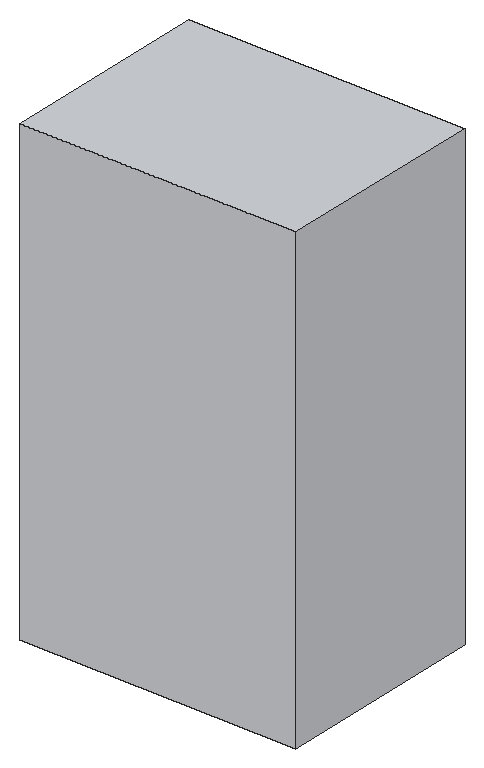
Revit family
Parameters
  Body Material = Metal - Stainless Steel
  Trim Material = Plastic 2
  Warranty Duration (Years) = 0
  URL = "http://www.americanspecialties.com/viewCategories.cfm"
  Test Data = ""
  Specification = "http://www.arcat.com/sdspecs/htm/10810asi.htm"
  SpecWizard = ""
  Send Message = "http://www.arcat.com/users.pl?action=UserEmail&company=American%20Specialties,%20Inc.&coid=30448&rep=139&fax=914-476-0688&mf="
  Sales Information = "http://www.americanspecialties.com/contact"
  Revision = "R1_10-2010"
  Product Properties = "http://www.americanspecialties.com/datasheets/0346.pdf"
  Product Data = "http://www.arcat.com/arcatcos/cos30/arc30448.html"
  Model = "As Specified in 10 28 13"
  Manufacturer Website = "http://www.americanspecialties.com/viewCategories.cfm"
  Manufacturer Phone - Toll Free = ""
  Manufacturer Phone = "914-476-9000 "
  Manufacturer Fax = "914-476-0688"
  Manufacturer Address = "441 Saw Mill River Rd., Yonkers, NY 10701"
  Manufacturer = "American Specialties, Inc."
  Maintenance Schedule (Months) = 0
  Keynote = "10 28 13"
  Installation-Fabrication = "http://www.americanspecialties.com/products.cfm"
  Green Building-LEED = ""
  Expected Lifespan (Years) = 0
  Drawn By = "Robert S. Weygant. CSI, CDT, SCIP"  # constant formula
  Description = "Toilet Accessory as Specified in 10 28 13"
  Default Elevation = 4' - 0"
  Copyright = "©Arcat Inc."
  Construction Details = "http://www.arcat.com/green/clients/leed_data_30448.html"
  Building Codes = "http://www.americanspecialties.com/products.cfm"
  Assembly Code = "C1030210"
Reference planes (in)
  plane 1 "Center (Front/Back)": y = -0.29112
  plane 2 "Floor Line": z = 0
  plane 3 "Center (Left/Right)": x = -0.65843
  plane 4: z = 3
  plane 5: z = 0.5
  plane 6: x = -3.03343
  plane 7: x = 1.71657
  plane 8: y = 3.77138
  plane 9: y = -4.35362
Forms (in)
  Extrusion 1, solid
    sketch origin (-3.65843, -11.33735, -6) x (0, 0, -1) y (1, 0, 0)
      loop
        line (-82, 26) -> (-82, -19.34712) -> (-6, -19.34712) -> (-6, 26) -> (-82, 26)
    from 9 to -25.60721
  Extrusion 2, solid, material "Metal - Stainless Steel" <- "Body Material"
    sketch origin (0, 0, 0) x (1, 0, 0) y (0, 1, 0)
      loop
        arc (-2.53343, 3.77138) -> (-2.88699, 3.62494) -> (-3.03343, 3.27138) r 0.5
        line (-3.03343, 3.27138) -> (-3.03343, -3.85362)
        arc (-3.03343, -3.85362) -> (-2.88699, -4.20717) -> (-2.53343, -4.35362) r 0.5
        line (-2.53343, -4.35362) -> (1.21657, -4.35362)
        arc (1.21657, -4.35362) -> (1.57012, -4.20717) -> (1.71657, -3.85362) r 0.5
        line (1.71657, -3.85362) -> (1.71657, 3.27138)
        arc (1.71657, 3.27138) -> (1.57012, 3.62494) -> (1.21657, 3.77138) r 0.5
        line (1.21657, 3.77138) -> (-2.53343, 3.77138)
    from 0 to 0.5
  Extrusion 3, solid, material "Metal - Stainless Steel" <- "Body Material"
    sketch origin (0, 0, 0) x (1, 0, 0) y (0, 1, 0)
      loop
        line (-2.78343, 3.27138) -> (-2.78343, -3.85362)
        arc (-2.78343, -3.85362) -> (-2.71021, -4.03039) -> (-2.53343, -4.10362) r 0.25
        line (-2.53343, -4.10362) -> (1.21657, -4.10362)
        arc (1.21657, -4.10362) -> (1.39334, -4.03039) -> (1.46657, -3.85362) r 0.25
        line (1.46657, -3.85362) -> (1.46657, 3.27138)
        arc (1.46657, 3.27138) -> (1.39334, 3.44816) -> (1.21657, 3.52138) r 0.25
        line (1.21657, 3.52138) -> (-2.53343, 3.52138)
        arc (-2.53343, 3.52138) -> (-2.71021, 3.44816) -> (-2.78343, 3.27138) r 0.25
    from 0.5 to 3
  Extrusion 4, solid, material "Metal - Stainless Steel" <- "Body Material"
    sketch origin (0, 0, 0) x (1, 0, 0) y (0, 1, 0)
      loop
        line (-1.65843, 3.04985) -> (-1.15843, 1.04985) -> (-0.15843, 1.04985) -> (0.34157, 3.04985) -> (-1.65843, 3.04985)
      loop
        line (-0.53134, 2.62373) -> (-0.63435, 2.80214)
        arc (-0.63435, 2.80214) -> (-0.65843, 2.81605) -> (-0.68252, 2.80214) r 0.02781
        line (-0.68252, 2.80214) -> (-0.78779, 2.61981)
        arc (-0.78779, 2.61981) -> (-0.78779, 2.59473) -> (-0.76607, 2.58219) r 0.02508
        line (-0.76607, 2.58219) -> (-0.55532, 2.58219)
        arc (-0.55532, 2.58219) -> (-0.53134, 2.59604) -> (-0.53134, 2.62373) r 0.02769
    from 0 to 0.15406
  Extrusion 5, solid, material "Metal - Stainless Steel" <- "Body Material"
    sketch origin (0, -0.54112, 0) x (1, 0, 0) y (0, 0, 1)
      loop
        line (-1.68968, 2.5733) -> (-1.68968, 1.0108) -> (0.37282, 1.0108) -> (0.37282, 2.5733) -> (-1.68968, 2.5733)
    from -4.14262 to -4.125
  Extrusion 6, solid, material "Plastic 2" <- "Trim Material"
    sketch origin (0, 0, 0) x (1, 0, 0) y (0, 1, 0)
      loop
        circle (-0.65843, -2.79679) r 0.36932
    from 3 to 3.0625
  Revolve 7, solid, material "Metal - Stainless Steel" <- "Body Material"
    sketch origin (0, 0, 1.75) x (1, 0, 0) y (0, 1, 0)
      loop
        line (-0.65843, -4.16612) -> (-1.07674, -4.16612) -> (-1.07674, -4.28948) -> (-1.00362, -4.41612)
        arc (-1.00362, -4.41612) -> (-1.03015, -5.39705) -> (-1.00362, -6.37799) r 18.15126
        line (-1.00362, -6.37799) -> (-0.93981, -6.73987) -> (-0.93981, -6.82753) -> (-0.79017, -6.82753) -> (-0.79017, -7.07753) -> (-0.90843, -7.07753) -> (-0.90843, -7.22862) -> (-0.65843, -7.22862) -> (-0.65843, -4.16612)
      axis (-0.65843, -4.16612) -> (-0.65843, -7.22862)
    angle from 0 to 360
  Extrusion 8, void
    sketch origin (-0.65843, -0.83223, -0.25) x (0, -1, 0) y (0, 0, -1)
      loop
        arc (-4.16612, -3.25) -> (-4.34289, -3.17678) -> (-4.41612, -3) r 0.25
        line (-4.41612, -3) -> (-4.41612, -3.25) -> (-4.16612, -3.25)
    from -2.125 to 2.125
  Extrusion 9, void
    sketch origin (1.63268, 1.43383, -0.25) x (1, 0, 0) y (0, 0, 1)
      loop
        line (-4.16612, 3.25) -> (-4.41612, 3.25) -> (-4.41612, 3)
        arc (-4.41612, 3) -> (-4.34289, 3.17678) -> (-4.16612, 3.25) r 0.25
    from -2.125 to 5.53744
  Extrusion 10, void
    sketch origin (-0.65843, 0.3125, -0.25) x (0, 1, 0) y (0, 0, 1)
      loop
        line (-4.16612, 3.25) -> (-4.41612, 3.25) -> (-4.41612, 3)
        arc (-4.41612, 3) -> (-4.34289, 3.17678) -> (-4.16612, 3.25) r 0.25
    from -2.125 to 2.125
  Sweep 11, solid, material "Metal - Stainless Steel" <- "Body Material"
    path origin (0, 0, 0) x (1, 0, 0) y (0, 1, 0)
      loop
        line (1.21657, 3.52138) -> (-2.53343, 3.52138)
        arc (-2.53343, 3.52138) -> (-2.71021, 3.44816) -> (-2.78343, 3.27138) r 0.25
        line (-2.78343, 3.27138) -> (-2.78343, -3.85362)
        arc (-2.78343, -3.85362) -> (-2.71021, -4.03039) -> (-2.53343, -4.10362) r 0.25
        line (-2.53343, -4.10362) -> (1.21657, -4.10362)
        arc (1.21657, -4.10362) -> (1.39334, -4.03039) -> (1.46657, -3.85362) r 0.25
        line (1.46657, -3.85362) -> (1.46657, 3.27138)
        arc (1.46657, 3.27138) -> (1.39334, 3.44816) -> (1.21657, 3.52138) r 0.25
    profile origin (-0.65843, 3.52138, 0) x (0, -1, 0) y (0, 0, 1)
      loop
        line (-0.25, 0.5) -> (0, 0.5) -> (0, 0.75)
        arc (0, 0.75) -> (-0.07322, 0.57322) -> (-0.25, 0.5) r 0.25
  Extrusion 12, void
    sketch origin (-2.94955, 1.43383, -0.25) x (-1, 0, 0) y (0, 0, -1)
      loop
        arc (-4.16612, -3.25) -> (-4.34289, -3.17678) -> (-4.41612, -3) r 0.25
        line (-4.41612, -3) -> (-4.41612, -3.25) -> (-4.16612, -3.25)
    from -2.125 to 5.53744
Cuts and joins
  Extrusion 8, Extrusion 9, Extrusion 10, Extrusion 12 cuts Extrusion 3
  Extrusion 12 cuts Sweep 11
  joined: Extrusion 3, Sweep 11
Dimensions and locks (in)
  aligned and locked: plane 5 to Extrusion 2
  aligned and locked: plane 4 to Extrusion 3
  aligned and locked: Extrusion 6 to plane 4
  aligned and locked: Revolve 7 sketch curve to Revolve 7 sketch curve
